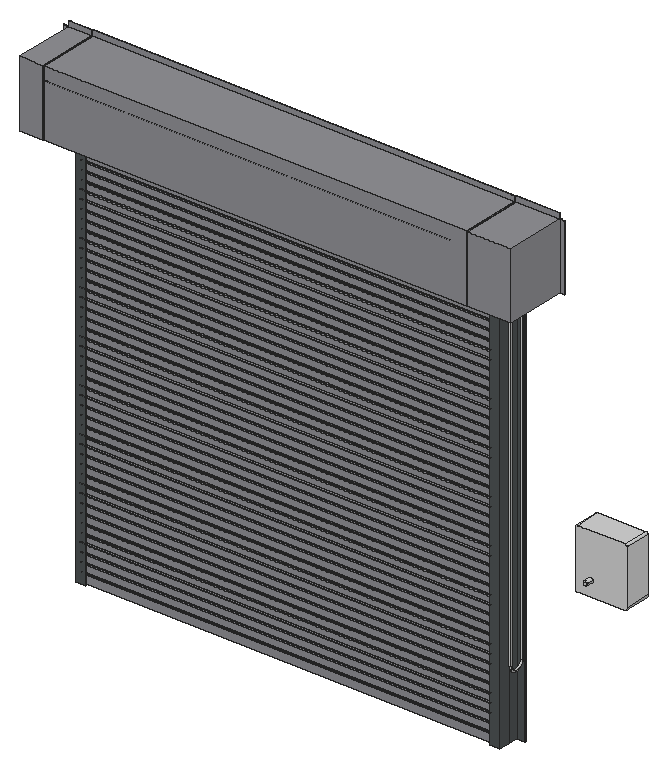
Revit family "Doors_Industrial_Overhead-Door-Corporation_RapidSlat-Rolling-Steel-Service-Doors-626_", category Specialty Equipment, host Wall, Revit 2019 (continued)
Definition of nested family "626"
  Automatic sketch dimensions
    Extrusion 1 sketch curve to Extrusion 1 sketch curve = 0.00007"  (x5)
    Extrusion 1 sketch curve to Extrusion 1 sketch curve = 0.00899"  (x5)
    Extrusion 1 sketch curve to Extrusion 1 sketch curve = 0.00552"  (x5)
    Extrusion 1 sketch curve to Extrusion 1 sketch curve = 0.04341"  (x3)
    Extrusion 1 sketch curve to Extrusion 1 sketch curve = 0.01303"  (x2)
    curve 1 to Extrusion 1 sketch curve = 2.71019"
    Extrusion 1 sketch curve to Extrusion 1 sketch curve = 5/256"  (x2)
    Extrusion 1 sketch curve to Extrusion 1 sketch curve = 0.02448"  (x3)
    Extrusion 1 sketch curve to Extrusion 1 sketch curve = 0.06"  (x5)
    Extrusion 1 sketch curve to Extrusion 1 sketch curve = 0.01261"  (x2)
    Extrusion 1 sketch curve to Extrusion 1 sketch curve = 2.10108"  (x4)
    Extrusion 1 sketch curve to Extrusion 1 sketch curve = 0.11957"  (x2)
    Extrusion 1 sketch curve to Extrusion 1 sketch curve = 0.09059"  (x2)
    Extrusion 1 sketch curve to Extrusion 1 sketch curve = 0.05819"  (x4)
    Extrusion 1 sketch curve to Extrusion 1 sketch curve = 1/128"  (x4)
    Extrusion 1 sketch curve to Extrusion 1 sketch curve = 0.09983"  (x2)
    Extrusion 1 sketch curve to Extrusion 1 sketch curve = 0.01046"  (x2)
    Extrusion 1 sketch curve to Extrusion 1 sketch curve = 0.00686"  (x2)
    Extrusion 1 sketch curve to Extrusion 1 sketch curve = 0.03144"  (x3)
    Extrusion 1 sketch curve to Extrusion 1 sketch curve = 0.01995"  (x3)
    Extrusion 1 sketch curve to Extrusion 1 sketch curve = 0.11917"  (x3)
    Extrusion 1 sketch curve to Extrusion 1 sketch curve = 0.09089"
    Extrusion 1 sketch curve to Extrusion 1 sketch curve = 0.09993"
    Extrusion 1 sketch curve to Extrusion 1 sketch curve = 0.01049"
    Extrusion 1 sketch curve to Extrusion 1 sketch curve = 0.00683"
    Extrusion 1 sketch curve to Extrusion 1 sketch curve = 0.07903"
    Extrusion 1 sketch curve to Extrusion 1 sketch curve = 0.01186"
    Extrusion 1 sketch curve to Extrusion 1 sketch curve = 0.05829"
    Extrusion 1 sketch curve to Extrusion 1 sketch curve = 0.05892"
    Extrusion 1 sketch curve to Extrusion 1 sketch curve = 0.00247"
    curve 1 to Extrusion 1 sketch curve = 4.8597"
    Extrusion 1 sketch curve to Extrusion 1 sketch curve = 0.0313"  (x2)
    Extrusion 1 sketch curve to Extrusion 1 sketch curve = 0.03156"
    curve 1 to Extrusion 1 sketch curve = 2.23417"
    Extrusion 1 sketch curve to Extrusion 1 sketch curve = 0.0005"
    plane 1 "Center (Front/Back)" to curve 1 = 4.98186"
    plane 1 "Center (Front/Back)" to curve 7 = 2.86663"
    curve 1 to curve 2 = 2.11523"
    curve 5 to curve 7 = 0"
    curve 3 to curve 2 = 0"  (x2)
    curve 6 to curve 7 = 0"
    curve 4 to curve 3 = 0"
    curve 2 to plane 6 = 7.10337"
    curve 5 to plane 6 = 7.10337"
    curve 4 to curve 5 = 0"
    curve 6 to curve 5 = 0"
    curve 7 to curve 5 = 0"
    curve 2 to curve 1 = 2.35433"
    curve 1 to Extrusion 3 sketch curve = 4.90531"  (x4)
    Extrusion 3 sketch curve to Extrusion 3 sketch curve = 0"  (x2)
    Extrusion 3 sketch curve to Extrusion 3 sketch curve = 0.13162"
    Extrusion 3 sketch curve to Extrusion 3 sketch curve = 0.14017"  (x2)
    Extrusion 3 sketch curve to Extrusion 3 sketch curve = 0.14019"  (x2)
    curve 1 to Extrusion 3 sketch curve = 5.27225"
    Extrusion 3 sketch curve to Extrusion 3 sketch curve = 0.14046"
    Extrusion 3 sketch curve to Extrusion 3 sketch curve = 0.02019"
    Extrusion 3 sketch curve to Extrusion 3 sketch curve = 0.02119"  (x2)
    Extrusion 3 sketch curve to Extrusion 3 sketch curve = 0.02122"  (x2)
    curve 1 to Extrusion 3 sketch curve = 4.85781"
    Extrusion 3 sketch curve to Extrusion 3 sketch curve = 0.02405"  (x2)
    curve 1 to Extrusion 3 sketch curve = 5.15896"
    Extrusion 3 sketch curve to Extrusion 3 sketch curve = 0.02439"  (x2)
    Extrusion 3 sketch curve to Extrusion 3 sketch curve = 0.03484"
    Extrusion 3 sketch curve to Extrusion 3 sketch curve = 0.04439"
    Extrusion 3 sketch curve to Extrusion 3 sketch curve = 0.01179"  (x2)
    Extrusion 3 sketch curve to Extrusion 3 sketch curve = 0.036"  (x2)
    curve 1 to Extrusion 3 sketch curve = 2.68272"
    Extrusion 3 sketch curve to Extrusion 3 sketch curve = 0.03599"  (x2)
    Extrusion 3 sketch curve to Extrusion 3 sketch curve = 0.01175"  (x2)
    curve 1 to Extrusion 3 sketch curve = 5.10073"
    Extrusion 3 sketch curve to Extrusion 3 sketch curve = 0.0156"
    Extrusion 3 sketch curve to Extrusion 3 sketch curve = 0.03122"
    Extrusion 3 sketch curve to Extrusion 3 sketch curve = 0.01594"  (x2)
    Extrusion 3 sketch curve to Extrusion 3 sketch curve = 0.00034"  (x2)
    curve 1 to Extrusion 3 sketch curve = 5.02297"
    Extrusion 3 sketch curve to Extrusion 3 sketch curve = 0.01588"  (x2)
    Extrusion 3 sketch curve to Extrusion 3 sketch curve = 0.18279"  (x3)
    Extrusion 3 sketch curve to Extrusion 3 sketch curve = 0.21361"  (x2)
    Extrusion 3 sketch curve to Extrusion 3 sketch curve = 0.18305"
    curve 1 to Extrusion 3 sketch curve = 5.31024"
    Extrusion 3 sketch curve to Extrusion 3 sketch curve = 0.46983"  (x2)
    Extrusion 3 sketch curve to Extrusion 3 sketch curve = 0.27102"
    curve 1 to Extrusion 3 sketch curve = 2.68471"
    Extrusion 3 sketch curve to Extrusion 3 sketch curve = 0.46985"  (x2)
    Extrusion 3 sketch curve to Extrusion 3 sketch curve = 0.00499"  (x5)
    curve 1 to Extrusion 3 sketch curve = 5.24989"
    Extrusion 3 sketch curve to Extrusion 3 sketch curve = 0.00899"  (x5)
    Extrusion 3 sketch curve to Extrusion 3 sketch curve = 0.02398"  (x3)
    Extrusion 3 sketch curve to Extrusion 3 sketch curve = 0.49469"
    Extrusion 3 sketch curve to Extrusion 3 sketch curve = 0.01"  (x5)
    Extrusion 3 sketch curve to Extrusion 3 sketch curve = 0.08"  (x3)
    Extrusion 3 sketch curve to Extrusion 3 sketch curve = 0.00422"
    Extrusion 3 sketch curve to Extrusion 3 sketch curve = 0.02842"  (x3)
    curve 1 to Extrusion 3 sketch curve = 2.71041"
    curve 1 to Extrusion 3 sketch curve = 5 43/128"
    Extrusion 3 sketch curve to Extrusion 3 sketch curve = 0.315"  (x3)
    Extrusion 3 sketch curve to Extrusion 3 sketch curve = 0.02"
    Extrusion 3 sketch curve to Extrusion 3 sketch curve = 0.06"
    Extrusion 3 sketch curve to Extrusion 3 sketch curve = 1.67559"
    Extrusion 3 sketch curve to Extrusion 3 sketch curve = 0.39195"  (x2)
    Extrusion 3 sketch curve to Extrusion 3 sketch curve = 0.04559"  (x2)
    Extrusion 3 sketch curve to Extrusion 3 sketch curve = 0.07806"  (x3)
    Extrusion 3 sketch curve to Extrusion 3 sketch curve = 0.05822"
    Extrusion 3 sketch curve to Extrusion 3 sketch curve = 0.11273"
    Extrusion 3 sketch curve to Extrusion 3 sketch curve = 0.11341"
    Extrusion 3 sketch curve to Extrusion 3 sketch curve = 1.78314"
    Extrusion 3 sketch curve to Extrusion 3 sketch curve = 0.07776"
    Extrusion 3 sketch curve to Extrusion 3 sketch curve = 0.05823"
    Extrusion 3 sketch curve to Extrusion 3 sketch curve = 0.11262"
    Extrusion 3 sketch curve to Extrusion 3 sketch curve = 29/256"
    Extrusion 3 sketch curve to Extrusion 3 sketch curve = 1.78316"
    Extrusion 3 sketch curve to Extrusion 3 sketch curve = 0.43753"
    Extrusion 3 sketch curve to Extrusion 3 sketch curve = 0.11917"  (x2)
    Extrusion 3 sketch curve to Extrusion 3 sketch curve = 0.00097"
    Extrusion 3 sketch curve to Extrusion 3 sketch curve = 0.04797"
    Extrusion 3 sketch curve to Extrusion 3 sketch curve = 0.00067"
    curve 1 to Extrusion 3 sketch curve = 4.46587"
    Extrusion 3 sketch curve to Extrusion 3 sketch curve = 0.00068"
    Extrusion 3 sketch curve to Extrusion 3 sketch curve = 0.01597"
    Extrusion 3 sketch curve to Extrusion 3 sketch curve = 0.43571"
    Extrusion 3 sketch curve to Extrusion 3 sketch curve = 1.67742"
    Extrusion 3 sketch curve to Extrusion 3 sketch curve = 0.00314"
    Extrusion 3 sketch curve to Extrusion 3 sketch curve = 0.25175"
    Extrusion 3 sketch curve to Extrusion 3 sketch curve = 0.11957"
    Extrusion 3 sketch curve to Extrusion 3 sketch curve = 0.06154"
    Extrusion 3 sketch curve to Extrusion 3 sketch curve = 0.00247"
    Extrusion 3 sketch curve to Extrusion 3 sketch curve = 0.0313"
    Extrusion 3 sketch curve to Extrusion 3 sketch curve = 0.0005"
  Nested families (in)
    nested 1: "Perforation" at (0, 0.72, 0.894), visible <- "Integrated Cutout", type "Perforation"
      with Opening Width 128", Offset 1"
    nested 2: "Perforation" at (0, 0.72, 3.524), visible <- "Integrated Cutout", type "Perforation"
      with Opening Width 128", Offset 1"
    nested 3: "Perforation" at (0, 0.72, 6.154), visible <- "Integrated Cutout", type "Perforation"
      with Opening Width 128", Offset 1"
    nested 4: "Perforation" at (0, 0.72, 8.784), visible <- "Integrated Cutout", type "Perforation"
      with Opening Width 128", Offset 1"
    nested 5: "Perforation" at (0, 0.72, 11.414), visible <- "Integrated Cutout", type "Perforation"
      with Opening Width 128", Offset 1"
  Definition of nested family "Perforation"
    Parameters (values of type "Perforation")
      Perforation = none
      Opening Width = 123 5/8"
      Offset = 2"
      Height = 1"
      Default Elevation = 48"
    Reference planes (in)
      plane 1 "Center (Front/Back)": y = 0
      plane 2: z = 0
      plane 3 "Center (Left/Right)": x = 0
      plane 4: z = 0.5
      plane 5: z = -0.5
      plane 6: y = -0.03
      plane 7: y = 0.03
      plane 8: x = -61.8125
      plane 9: x = 61.8125
      plane 10: x = -59.8125
      plane 11: x = 59.8125
    Forms (in)
      Extrusion 1, solid, material <- "Perforation"
        sketch origin (0, -0.19, 0) x (0, 1, 0) y (0, 0, 1)
          loop
            line (0.16, 0.5) -> (0.16, -0.5) -> (0.22, -0.5) -> (0.22, 0.5) -> (0.16, 0.5)
        from -59.8125 to 59.8125
    Dimensions and locks (in)
      equal spacing: plane 4, level, plane 5
      "Height": plane 4 to plane 5
      equal spacing: plane 6, plane 1 "Center (Front/Back)", plane 7
      locked: plane 6 to plane 7 at 0.06
      "Opening Width": plane 8 to plane 9
      "Offset": plane 8 to plane 10
      "Offset": plane 9 to plane 11
      equal spacing: plane 8, plane 3 "Center (Left/Right)", plane 9
      aligned and locked: plane 2 to level
      aligned and locked: plane 4 to Extrusion 1
      aligned and locked: Extrusion 1 to plane 5
      aligned and locked: plane 6 to Extrusion 1
      aligned and locked: plane 7 to Extrusion 1
      aligned and locked: Extrusion 1 to plane 10
      aligned and locked: plane 11 to Extrusion 1
    Automatic sketch dimensions
      Extrusion 1 sketch curve to level = 1/2"
      plane 1 "Center (Front/Back)" to Extrusion 1 sketch curve = 0.03"
      Extrusion 1 sketch curve to plane 1 "Center (Front/Back)" = 0.03"
      plane 4 to Extrusion 1 sketch curve = 0"
Definition of nested family "Label Annotation 1"
  Parameters (values of type "Label Annotation 1-8")
    Label = "Area is too big. Please reduce Door Size."
  Reference planes (in)
    plane 1: y = 0
    plane 2: x = 0
  Text (in)
    label "Label" at (0.00375, -0.00345, 0), shows "Label"
Definition of nested family "Warning Sign"
  Parameters (values of type "Warning Sign")
    Warning Sign [instance] = no
    Default Elevation = 48"
  Reference planes (in)
    plane 1 "Center (Front/Back)": y = 0
    plane 2: z = 0
    plane 3 "Center (Left/Right)": x = 0
    plane 4: y = 0.5
    plane 5: y = -0.5
    plane 6: y = 1
    plane 7: y = 0.25
  Lines and regions (in)
    model lines
      curve 1: line (-2.26129, 1, 45.69444) -> (-26.3817, 1, 3.91667)
      curve 2: line (-25.25106, 1, 3.26389) -> (-1.13064, 1, 45.04167)
      curve 3: arc (2.26129, 1, 45.69444) -> (0, 1, 47) -> (-2.26129, 1, 45.69444) r 2.61111
      curve 4: arc (-1.13064, 1, 45.04167) -> (0, 1, 45.69444) -> (1.13064, 1, 45.04167) r 1.30556
      curve 5: line (1.13064, 1, 45.04167) -> (25.25106, 1, 3.26389)
      curve 6: line (26.3817, 1, 3.91667) -> (2.26129, 1, 45.69444)
      curve 7: arc (25.25106, 1, 3.26389) -> (25.25106, 1, 1.95833) -> (24.12041, 1, 1.30556) r 1.30556
      curve 8: arc (24.12041, 1, 0) -> (26.3817, 1, 1.30556) -> (26.3817, 1, 3.91667) r 2.61111
      curve 9: line (24.12041, 1, 1.30556) -> (-24.12041, 1, 1.30556)
      curve 10: line (-24.12041, 1, 0) -> (24.12041, 1, 0)
      curve 11: arc (-24.12041, 1, 1.30556) -> (-25.25106, 1, 1.95833) -> (-25.25106, 1, 3.26389) r 1.30556
      curve 12: arc (-26.3817, 1, 3.91667) -> (-26.3817, 1, 1.30556) -> (-24.12041, 1, 0) r 2.61111
      curve 13: arc (-2.29479, 1, 8.63537) -> (0, 1, 6.34057) -> (2.29479, 1, 8.63537) r 2.29479
      curve 14: arc (2.29479, 1, 8.63537) -> (0, 1, 10.93016) -> (-2.29479, 1, 8.63537) r 2.29479
      curve 15: arc (-1.6331, 1, 13.97069) -> (0.03439, 1, 12.53727) -> (1.69278, 1, 13.98121) r 1.68043
      curve 16: line (-3.77413, 1, 28.37873) -> (-1.6331, 1, 13.97069)
      curve 17: line (1.69278, 1, 13.98121) -> (3.73924, 1, 28.37873)
      curve 18: arc (3.73924, 1, 28.37873) -> (-0.01745, 1, 32.13541) -> (-3.77413, 1, 28.37873) r 3.75668
      curve 19: line (-2.26129, -0.5, 45.69444) -> (-26.3817, -0.5, 3.91667)
      curve 20: line (-25.25106, -0.5, 3.26389) -> (-1.13064, -0.5, 45.04167)
      curve 21: arc (2.26129, -0.5, 45.69444) -> (0, -0.5, 47) -> (-2.26129, -0.5, 45.69444) r 2.61111
      curve 22: arc (-1.13064, -0.5, 45.04167) -> (0, -0.5, 45.69444) -> (1.13064, -0.5, 45.04167) r 1.30556
      curve 23: line (1.13064, -0.5, 45.04167) -> (25.25106, -0.5, 3.26389)
      curve 24: line (26.3817, -0.5, 3.91667) -> (2.26129, -0.5, 45.69444)
      curve 25: arc (25.25106, -0.5, 3.26389) -> (25.25106, -0.5, 1.95833) -> (24.12041, -0.5, 1.30556) r 1.30556
      curve 26: arc (24.12041, -0.5, 0) -> (26.3817, -0.5, 1.30556) -> (26.3817, -0.5, 3.91667) r 2.61111
      curve 27: line (24.12041, -0.5, 1.30556) -> (-24.12041, -0.5, 1.30556)
      curve 28: line (-24.12041, -0.5, 0) -> (24.12041, -0.5, 0)
      curve 29: arc (-24.12041, -0.5, 1.30556) -> (-25.25106, -0.5, 1.95833) -> (-25.25106, -0.5, 3.26389) r 1.30556
      curve 30: arc (-26.3817, -0.5, 3.91667) -> (-26.3817, -0.5, 1.30556) -> (-24.12041, -0.5, 0) r 2.61111
      curve 31: arc (-2.29479, -0.5, 8.63537) -> (0, -0.5, 6.34057) -> (2.29479, -0.5, 8.63537) r 2.29479
      curve 32: arc (2.29479, -0.5, 8.63537) -> (0, -0.5, 10.93016) -> (-2.29479, -0.5, 8.63537) r 2.29479
      curve 33: arc (-1.6331, -0.5, 13.97069) -> (0.03439, -0.5, 12.53727) -> (1.69278, -0.5, 13.98121) r 1.68043
      curve 34: line (-3.77413, -0.5, 28.37873) -> (-1.6331, -0.5, 13.97069)
      curve 35: line (1.69278, -0.5, 13.98121) -> (3.73924, -0.5, 28.37873)
      curve 36: arc (3.73924, -0.5, 28.37873) -> (-0.01745, -0.5, 32.13541) -> (-3.77413, -0.5, 28.37873) r 3.75668
  Dimensions and locks (in)
    locked: plane 1 "Center (Front/Back)" to plane 4 at 0.5
    equal spacing: plane 1 "Center (Front/Back)", plane 7, plane 4
    locked: plane 4 to plane 6 at 0.5
    locked: plane 5 to plane 1 "Center (Front/Back)" at 0.5
    aligned and locked: plane 2 to level
  Automatic sketch dimensions
    curve 21 to curve 22 = 0"  (x2)
    curve 25 to curve 26 = 0"  (x2)
    curve 29 to curve 30 = 0"  (x2)
    curve 31 to curve 32 = 0"  (x2)
    curve 21 to plane 3 "Center (Left/Right)" = 0"
    curve 31 to plane 3 "Center (Left/Right)" = 0"
    curve 30 to level = 0"
    level to curve 27 = 1.30556"
    curve 26 to curve 27 = 1.30556"
    curve 29 to curve 27 = 1.30556"
    curve 23 to curve 25 = 0.65278"
    curve 20 to curve 29 = 0.65278"
    curve 24 to curve 23 = 0.65278"
    curve 19 to curve 20 = 0.65278"
    level to curve 32 = 8.63537"
    curve 34 to plane 3 "Center (Left/Right)" = 1.6331"
    curve 34 to curve 31 = 5.33532"
    plane 3 "Center (Left/Right)" to curve 35 = 1.69278"
    curve 35 to curve 34 = 0.01052"
    plane 3 "Center (Left/Right)" to curve 33 = 0.02908"
    curve 36 to plane 3 "Center (Left/Right)" = 0.01745"
    curve 36 to curve 33 = 14.16104"
    curve 22 to curve 36 = 16.01016"
    plane 3 "Center (Left/Right)" to curve 23 = 1.13064"
    curve 23 to curve 21 = 0.65278"
    curve 20 to plane 3 "Center (Left/Right)" = 1.13064"
    plane 3 "Center (Left/Right)" to curve 24 = 2.26129"
    curve 24 to curve 22 = 0.65278"
    curve 19 to plane 3 "Center (Left/Right)" = 2.26129"
    curve 34 to curve 36 = 3.75668"
    curve 30 to plane 3 "Center (Left/Right)" = 24.12041"
    plane 3 "Center (Left/Right)" to curve 25 = 24.12041"
    curve 31 to curve 31 = 2.29479"
    curve 3 to curve 4 = 0"  (x2)
    curve 7 to curve 8 = 0"  (x2)
    curve 11 to curve 12 = 0"  (x2)
    curve 13 to curve 14 = 0"  (x2)
    curve 3 to plane 3 "Center (Left/Right)" = 0"
    curve 13 to plane 3 "Center (Left/Right)" = 0"
    curve 12 to level = 0"
    level to curve 9 = 1.30556"
    curve 8 to curve 9 = 1.30556"
    curve 11 to curve 9 = 1.30556"
    curve 5 to curve 7 = 0.65278"
    curve 2 to curve 11 = 0.65278"
    curve 6 to curve 5 = 0.65278"
    curve 1 to curve 2 = 0.65278"
    level to curve 14 = 8.63537"
    curve 16 to plane 3 "Center (Left/Right)" = 1.6331"
    curve 16 to curve 13 = 5.33532"
    plane 3 "Center (Left/Right)" to curve 17 = 1.69278"
    curve 17 to curve 16 = 0.01052"
    plane 3 "Center (Left/Right)" to curve 15 = 0.02908"
    curve 18 to plane 3 "Center (Left/Right)" = 0.01745"
    curve 18 to curve 15 = 14.16104"
    curve 4 to curve 18 = 16.01016"
    plane 3 "Center (Left/Right)" to curve 5 = 1.13064"
    curve 5 to curve 3 = 0.65278"
    curve 2 to plane 3 "Center (Left/Right)" = 1.13064"
    plane 3 "Center (Left/Right)" to curve 6 = 2.26129"
    curve 6 to curve 4 = 0.65278"
    curve 1 to plane 3 "Center (Left/Right)" = 2.26129"
    curve 16 to curve 18 = 3.75668"
    curve 12 to plane 3 "Center (Left/Right)" = 24.12041"
    plane 3 "Center (Left/Right)" to curve 7 = 24.12041"
    curve 13 to curve 13 = 2.29479"
Types (6): name | Voltage | Number of Poles | Apparent Load Phase 3 | Apparent Load Phase 2 | Apparent Load Phase 1
  208 volts, one phase, 60 Hz (208-240V range) | 208 V | 1 | 0 VA | 0 VA | 4160 VA
  220 volts, one phase, 60 Hz (220-240V range) | 220 V | 1 | 0 VA | 0 VA | 4400 VA
  208 volts, three phase, 60 Hz (208-240V range) | 208 V | 3 | 2401.78 VA | 2401.78 VA | 2401.78 VA
  230 volts, three phase, 60 Hz (220-240V range) | 230 V | 3 | 2655.81 VA | 2655.81 VA | 2655.81 VA
  460 volts, three phase, 60 Hz (440-480 V range) | 460 V | 3 | 5311.62 VA | 5311.62 VA | 5311.62 VA
  575 volts, three phase, 60 Hz | 575 V | 3 | 6639.53 VA | 6639.53 VA | 6639.53 VA
